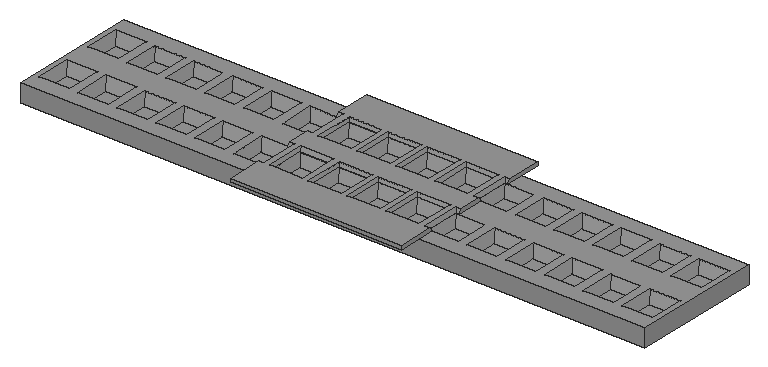
Revit family "2023697", category Lighting Fixtures, host Face, Revit 2018
Family settings
  Host = Face
  Round Connector Dimension = Use Diameter
  Part Type = Normal
  OmniClass Number = 23.80.70.00
  OmniClass Title = Lighting
  Cut with Voids When Loaded = No
  Light Source = Yes
  Shared = No
  Room Calculation Point = No
Parameters (values of type "2023697 OPTIX R 1250 2L TW ALU SSC01")
  Weight = "n/a"
  Wattage Comments = ""
  Wattage = 9.2903 W
  WarrantyStartDate [instance] = "n/a"
  WarrantyGuarantorParts = "n/a"
  WarrantyDurationUnit = "n/a"
  WarrantyDurationParts = ""
  WarrantyDescription = "http://www.sylvania-lighting.com"
  built-in parameter 1150110 = 1 (stored number, unit not read)
  Voltage = 0 V
  URL = "0.97"
  TypeName = "OPTIX RECESSED 1250 2L TW ALU SSC01"
  Type Image = <None>
  Type Comments = "n/a"
  built-in parameter 1114217 = 1 (stored number, unit not read)
  Tilt Angle = -90.00°
  built-in parameter 1150109 = 1 (stored number, unit not read)
  built-in parameter 1150134 = 3
  built-in parameter 1150113 = 1 (stored number, unit not read)
  SerialNumber [instance] = "n/a"
  Photometric Web File = "2023697.ies"
  Material_3_SYL = none
  PowerFactor = 0
  PowerConsumption = "Lighting"
  NominalLength = 308.5 mm
  NominalHeight = 38 mm
  NominalDepth = 308 mm
  Name = "OPTIX RECESSED 1250 2L TW ALU SSC01"
  ModelReference = Name  # "OPTIX RECESSED 1250 2L TW ALU SSC01"
  ModelNumber = "2023697"
  Model = Name  # "OPTIX RECESSED 1250 2L TW ALU SSC01"
  Material = "Feilo Sylvania"
  ManufacturerName = "107 lm/W"
  Manufacturer = ""
  LuminousEfficacy = ""
  built-in parameter 1150105 = 109.82 (stored number, unit not read)
  Lumens = 1380 lm
  LuminaireType = "0"
  built-in parameter 1150115 = 1 (stored number, unit not read)
  LightOutputRatio = "LED"
  built-in parameter 1150137 = (empty or 0)
  built-in parameter 1150139 = (empty or 0)
  LampsType = Lamp  # "n/a"
  LampNominalLuminous = "3000 K"
  LampMacAdamStep = "80"
  LampColourTemperature = "LED"
  LampColourRenderingIndex = "16500"
  built-in parameter 1150112 = 1 (stored number, unit not read)
  built-in parameter 1150114 = 1 (stored number, unit not read)
  Lamp = "n/a"
  Keynote = "n/a"
  InstallationDate [instance] = "n/a"
  InputVoltage = "0"
  InputNominalFrequency = "3000"
  built-in parameter 1150132 = (empty or 0)
  built-in parameter 1150102 = (empty or 0)
  built-in parameter 1150107 = 3200 (stored number, unit not read)
  built-in parameter 1150138 = (empty or 0)
  IngressProtection = "IfcLightFixtureType"
  ImpactProtectionIndex = "IfcLightFixtureType"
  built-in parameter 1150106 = 1.0982 (stored number, unit not read)
  IfcExportType = "IfcLightFixtureType"
  IfcExportAs = "Class I"
  Emit from Circle Diameter = 609.6 mm
  Emit Shape Visible in Rendering = no
  ElectricShockClassification = "107"
  built-in parameter 1150104 = 13.8 (stored number, unit not read)
  DocumentationLiterature = "http://www.sylvania-lighting.com/product/en-int/products/2023697"
  DimmingControlOptions = "n/a"
  Material_2_SYL = none
  Dimming Lamp Color Temperature Shift = <None>
  Description = "OPTIX RECESSED 1250X310 2L TW ALU SSC01 is a high efficacy low glare luminaire for office and education applications. Ceiling recessed 1250x310 mm. Aluminised plastic extra low glare optics in 2 lines configuration. White RAL9016 fixture body. SylSmart Standalone controlled tunable white light engine, CRI>80, chromaticity tolerance of 3-step MacAdam ellipse. Luminous flux 3600lm. Power consumption 27W. Luminaire efficacy 133lm/W. Lifespan: 48,500 hours L90B10. UGR<16, Luminance at 65°<200 Cd/m2, IK07, IP20. Photobiological safety risk group 0. Electrical protection Class I. Glow wire test 850°C"
  Default Elevation = 1219.2 mm
  CreatedOn = "13/10/2022"
  CreatedBy = "@sylvania-lighting.com"
  Cost = 0
  Color Filter = 16777215
  built-in parameter 1114216 [instance] = (empty or 0)
  ClassificationValue = "EF_70_80"
  ClassificationName = "Uniclass2015"
  Material_1_SYL = none
  BarCode [instance] = "n/a"
  built-in parameter 1114218 = 1 (stored number, unit not read)
  built-in parameter 1150133 = 10 (stored number, unit not read)
  AssetType = "Fixed"
  AssetIdentifier [instance] = "n/a"
  Assembly Code = "D5020200"
  Apparent Load = 31 VA
  Material_4_SYL = none
Reference planes
  plane 1 "Center (Front/Back)": y = 0
  plane 2: z = 0
  plane 3 "Center (Left/Right)": x = 0
  plane 4: x = -154.25
  plane 5: x = 154.25
  plane 6: y = 154
  plane 7: y = -154
  plane 8: z = -32
  plane 9: z = 6
  plane 10: y = -116
  plane 11: y = 116
  plane 12: x = -563
  plane 13: x = 563
  plane 14: y = 90
  plane 15: y = -90
  plane 16: x = 275
  plane 17: x = 285
  plane 18: x = 345
  plane 19: x = 355
  plane 20: x = 415
  plane 21: x = 425
  plane 22: x = 485
  plane 23: x = 495
  plane 24: x = -275
  plane 25: x = -285
  plane 26: x = -345
  plane 27: x = -355
  plane 28: x = -415
  plane 29: x = -425
  plane 30: x = -485
  plane 31: x = -495
Forms (mm)
  Extrusion 1, solid, material "Aluminum", detail levels medium+fine
    sketch origin (0, 0, 0) x (1, 0, 0) y (0, 1, 0)
      loop
        line (-154.25, 154) -> (-154.25, -154) -> (154.25, -154) -> (154.25, 154) -> (-154.25, 154)
    from 0 to 6
  Extrusion 2, solid, material "Aluminum", detail levels medium+fine
    sketch origin (0, 0, 0) x (1, 0, 0) y (0, 1, 0)
      loop
        line (-563, 116) -> (-563, -116) -> (563, -116) -> (563, 116) -> (-563, 116)
    from 0 to -32
  Blend 3, void
    base sketch origin (0.2, -114, 0) x (1, 0, 0) y (0, 1, 0)
      loop
        line (-275.2, 204) -> (-275.2, 134) -> (-215.2, 134) -> (-215.2, 204) -> (-275.2, 204)
    top sketch origin (0.2, -114, 0) x (1, 0, 0) y (0, 1, 0)
      loop
        line (-265.2, 189) -> (-265.2, 149) -> (-225.2, 149) -> (-225.2, 189) -> (-265.2, 189)
    from 6 to -19
  Blend 4, void
    base sketch origin (70.2, -114, 0) x (1, 0, 0) y (0, 1, 0)
      loop
        line (-275.2, 204) -> (-275.2, 134) -> (-215.2, 134) -> (-215.2, 204) -> (-275.2, 204)
    top sketch origin (70.2, -114, 0) x (1, 0, 0) y (0, 1, 0)
      loop
        line (-265.2, 189) -> (-265.2, 149) -> (-225.2, 149) -> (-225.2, 189) -> (-265.2, 189)
    from 6 to -19
  Blend 5, void
    base sketch origin (140.2, -114, 0) x (1, 0, 0) y (0, 1, 0)
      loop
        line (-275.2, 204) -> (-275.2, 134) -> (-215.2, 134) -> (-215.2, 204) -> (-275.2, 204)
    top sketch origin (140.2, -114, 0) x (1, 0, 0) y (0, 1, 0)
      loop
        line (-265.2, 189) -> (-265.2, 149) -> (-225.2, 149) -> (-225.2, 189) -> (-265.2, 189)
    from 6 to -19
  Blend 6, void
    base sketch origin (210.2, -114, 0) x (1, 0, 0) y (0, 1, 0)
      loop
        line (-275.2, 204) -> (-275.2, 134) -> (-215.2, 134) -> (-215.2, 204) -> (-275.2, 204)
    top sketch origin (210.2, -114, 0) x (1, 0, 0) y (0, 1, 0)
      loop
        line (-265.2, 189) -> (-265.2, 149) -> (-225.2, 149) -> (-225.2, 189) -> (-265.2, 189)
    from 6 to -19
  Blend 7, void
    base sketch origin (280.2, -114, 0) x (1, 0, 0) y (0, 1, 0)
      loop
        line (-275.2, 204) -> (-275.2, 134) -> (-215.2, 134) -> (-215.2, 204) -> (-275.2, 204)
    top sketch origin (280.2, -114, 0) x (1, 0, 0) y (0, 1, 0)
      loop
        line (-265.2, 189) -> (-265.2, 149) -> (-225.2, 149) -> (-225.2, 189) -> (-265.2, 189)
    from 6 to -19
  Blend 8, void
    base sketch origin (350.2, -114, 0) x (1, 0, 0) y (0, 1, 0)
      loop
        line (-275.2, 204) -> (-275.2, 134) -> (-215.2, 134) -> (-215.2, 204) -> (-275.2, 204)
    top sketch origin (350.2, -114, 0) x (1, 0, 0) y (0, 1, 0)
      loop
        line (-265.2, 189) -> (-265.2, 149) -> (-225.2, 149) -> (-225.2, 189) -> (-265.2, 189)
    from 6 to -19
  Blend 9, void
    base sketch origin (420.2, -114, 0) x (1, 0, 0) y (0, 1, 0)
      loop
        line (-275.2, 204) -> (-275.2, 134) -> (-215.2, 134) -> (-215.2, 204) -> (-275.2, 204)
    top sketch origin (420.2, -114, 0) x (1, 0, 0) y (0, 1, 0)
      loop
        line (-265.2, 189) -> (-265.2, 149) -> (-225.2, 149) -> (-225.2, 189) -> (-265.2, 189)
    from 6 to -19
  Blend 10, void
    base sketch origin (490.2, -114, 0) x (1, 0, 0) y (0, 1, 0)
      loop
        line (-275.2, 204) -> (-275.2, 134) -> (-215.2, 134) -> (-215.2, 204) -> (-275.2, 204)
    top sketch origin (490.2, -114, 0) x (1, 0, 0) y (0, 1, 0)
      loop
        line (-265.2, 189) -> (-265.2, 149) -> (-225.2, 149) -> (-225.2, 189) -> (-265.2, 189)
    from 6 to -19
  Blend 11, void
    base sketch origin (560.2, -114, 0) x (1, 0, 0) y (0, 1, 0)
      loop
        line (-275.2, 204) -> (-275.2, 134) -> (-215.2, 134) -> (-215.2, 204) -> (-275.2, 204)
    top sketch origin (560.2, -114, 0) x (1, 0, 0) y (0, 1, 0)
      loop
        line (-265.2, 189) -> (-265.2, 149) -> (-225.2, 149) -> (-225.2, 189) -> (-265.2, 189)
    from 6 to -19
  Blend 12, void
    base sketch origin (630.2, -114, 0) x (1, 0, 0) y (0, 1, 0)
      loop
        line (-275.2, 204) -> (-275.2, 134) -> (-215.2, 134) -> (-215.2, 204) -> (-275.2, 204)
    top sketch origin (630.2, -114, 0) x (1, 0, 0) y (0, 1, 0)
      loop
        line (-265.2, 189) -> (-265.2, 149) -> (-225.2, 149) -> (-225.2, 189) -> (-265.2, 189)
    from 6 to -19
  Blend 13, void
    base sketch origin (700.2, -114, 0) x (1, 0, 0) y (0, 1, 0)
      loop
        line (-275.2, 204) -> (-275.2, 134) -> (-215.2, 134) -> (-215.2, 204) -> (-275.2, 204)
    top sketch origin (700.2, -114, 0) x (1, 0, 0) y (0, 1, 0)
      loop
        line (-265.2, 189) -> (-265.2, 149) -> (-225.2, 149) -> (-225.2, 189) -> (-265.2, 189)
    from 6 to -19
  Blend 14, void
    base sketch origin (770.2, -114, 0) x (1, 0, 0) y (0, 1, 0)
      loop
        line (-275.2, 204) -> (-275.2, 134) -> (-215.2, 134) -> (-215.2, 204) -> (-275.2, 204)
    top sketch origin (770.2, -114, 0) x (1, 0, 0) y (0, 1, 0)
      loop
        line (-265.2, 189) -> (-265.2, 149) -> (-225.2, 149) -> (-225.2, 189) -> (-265.2, 189)
    from 6 to -19
  Blend 15, void
    base sketch origin (-69.8, -114, 0) x (1, 0, 0) y (0, 1, 0)
      loop
        line (-275.2, 204) -> (-275.2, 134) -> (-215.2, 134) -> (-215.2, 204) -> (-275.2, 204)
    top sketch origin (-69.8, -114, 0) x (1, 0, 0) y (0, 1, 0)
      loop
        line (-265.2, 189) -> (-265.2, 149) -> (-225.2, 149) -> (-225.2, 189) -> (-265.2, 189)
    from 6 to -19
  Blend 16, void
    base sketch origin (-139.8, -114, 0) x (1, 0, 0) y (0, 1, 0)
      loop
        line (-275.2, 204) -> (-275.2, 134) -> (-215.2, 134) -> (-215.2, 204) -> (-275.2, 204)
    top sketch origin (-139.8, -114, 0) x (1, 0, 0) y (0, 1, 0)
      loop
        line (-265.2, 189) -> (-265.2, 149) -> (-225.2, 149) -> (-225.2, 189) -> (-265.2, 189)
    from 6 to -19
  Blend 17, void
    base sketch origin (-209.8, -114, 0) x (1, 0, 0) y (0, 1, 0)
      loop
        line (-275.2, 204) -> (-275.2, 134) -> (-215.2, 134) -> (-215.2, 204) -> (-275.2, 204)
    top sketch origin (-209.8, -114, 0) x (1, 0, 0) y (0, 1, 0)
      loop
        line (-265.2, 189) -> (-265.2, 149) -> (-225.2, 149) -> (-225.2, 189) -> (-265.2, 189)
    from 6 to -19
  Blend 18, void
    base sketch origin (-279.8, -114, 0) x (1, 0, 0) y (0, 1, 0)
      loop
        line (-275.2, 204) -> (-275.2, 134) -> (-215.2, 134) -> (-215.2, 204) -> (-275.2, 204)
    top sketch origin (-279.8, -114, 0) x (1, 0, 0) y (0, 1, 0)
      loop
        line (-265.2, 189) -> (-265.2, 149) -> (-225.2, 149) -> (-225.2, 189) -> (-265.2, 189)
    from 6 to -19
  Blend 19, void
    base sketch origin (0.2, -224, 0) x (1, 0, 0) y (0, 1, 0)
      loop
        line (-275.2, 204) -> (-275.2, 134) -> (-215.2, 134) -> (-215.2, 204) -> (-275.2, 204)
    top sketch origin (0.2, -224, 0) x (1, 0, 0) y (0, 1, 0)
      loop
        line (-265.2, 189) -> (-265.2, 149) -> (-225.2, 149) -> (-225.2, 189) -> (-265.2, 189)
    from 6 to -19
  Blend 20, void
    base sketch origin (70.2, -224, 0) x (1, 0, 0) y (0, 1, 0)
      loop
        line (-275.2, 204) -> (-275.2, 134) -> (-215.2, 134) -> (-215.2, 204) -> (-275.2, 204)
    top sketch origin (70.2, -224, 0) x (1, 0, 0) y (0, 1, 0)
      loop
        line (-265.2, 189) -> (-265.2, 149) -> (-225.2, 149) -> (-225.2, 189) -> (-265.2, 189)
    from 6 to -19
  Blend 21, void
    base sketch origin (140.2, -224, 0) x (1, 0, 0) y (0, 1, 0)
      loop
        line (-275.2, 204) -> (-275.2, 134) -> (-215.2, 134) -> (-215.2, 204) -> (-275.2, 204)
    top sketch origin (140.2, -224, 0) x (1, 0, 0) y (0, 1, 0)
      loop
        line (-265.2, 189) -> (-265.2, 149) -> (-225.2, 149) -> (-225.2, 189) -> (-265.2, 189)
    from 6 to -19
  Blend 22, void
    base sketch origin (210.2, -224, 0) x (1, 0, 0) y (0, 1, 0)
      loop
        line (-275.2, 204) -> (-275.2, 134) -> (-215.2, 134) -> (-215.2, 204) -> (-275.2, 204)
    top sketch origin (210.2, -224, 0) x (1, 0, 0) y (0, 1, 0)
      loop
        line (-265.2, 189) -> (-265.2, 149) -> (-225.2, 149) -> (-225.2, 189) -> (-265.2, 189)
    from 6 to -19
  Blend 23, void
    base sketch origin (280.2, -224, 0) x (1, 0, 0) y (0, 1, 0)
      loop
        line (-275.2, 204) -> (-275.2, 134) -> (-215.2, 134) -> (-215.2, 204) -> (-275.2, 204)
    top sketch origin (280.2, -224, 0) x (1, 0, 0) y (0, 1, 0)
      loop
        line (-265.2, 189) -> (-265.2, 149) -> (-225.2, 149) -> (-225.2, 189) -> (-265.2, 189)
    from 6 to -19
  Blend 24, void
    base sketch origin (350.2, -224, 0) x (1, 0, 0) y (0, 1, 0)
      loop
        line (-275.2, 204) -> (-275.2, 134) -> (-215.2, 134) -> (-215.2, 204) -> (-275.2, 204)
    top sketch origin (350.2, -224, 0) x (1, 0, 0) y (0, 1, 0)
      loop
        line (-265.2, 189) -> (-265.2, 149) -> (-225.2, 149) -> (-225.2, 189) -> (-265.2, 189)
    from 6 to -19
  Blend 25, void
    base sketch origin (420.2, -224, 0) x (1, 0, 0) y (0, 1, 0)
      loop
        line (-275.2, 204) -> (-275.2, 134) -> (-215.2, 134) -> (-215.2, 204) -> (-275.2, 204)
    top sketch origin (420.2, -224, 0) x (1, 0, 0) y (0, 1, 0)
      loop
        line (-265.2, 189) -> (-265.2, 149) -> (-225.2, 149) -> (-225.2, 189) -> (-265.2, 189)
    from 6 to -19
  Blend 26, void
    base sketch origin (490.2, -224, 0) x (1, 0, 0) y (0, 1, 0)
      loop
        line (-275.2, 204) -> (-275.2, 134) -> (-215.2, 134) -> (-215.2, 204) -> (-275.2, 204)
    top sketch origin (490.2, -224, 0) x (1, 0, 0) y (0, 1, 0)
      loop
        line (-265.2, 189) -> (-265.2, 149) -> (-225.2, 149) -> (-225.2, 189) -> (-265.2, 189)
    from 6 to -19
  Blend 27, void
    base sketch origin (560.2, -224, 0) x (1, 0, 0) y (0, 1, 0)
      loop
        line (-275.2, 204) -> (-275.2, 134) -> (-215.2, 134) -> (-215.2, 204) -> (-275.2, 204)
    top sketch origin (560.2, -224, 0) x (1, 0, 0) y (0, 1, 0)
      loop
        line (-265.2, 189) -> (-265.2, 149) -> (-225.2, 149) -> (-225.2, 189) -> (-265.2, 189)
    from 6 to -19
  Blend 28, void
    base sketch origin (630.2, -224, 0) x (1, 0, 0) y (0, 1, 0)
      loop
        line (-275.2, 204) -> (-275.2, 134) -> (-215.2, 134) -> (-215.2, 204) -> (-275.2, 204)
    top sketch origin (630.2, -224, 0) x (1, 0, 0) y (0, 1, 0)
      loop
        line (-265.2, 189) -> (-265.2, 149) -> (-225.2, 149) -> (-225.2, 189) -> (-265.2, 189)
    from 6 to -19
  Blend 29, void
    base sketch origin (700.2, -224, 0) x (1, 0, 0) y (0, 1, 0)
      loop
        line (-275.2, 204) -> (-275.2, 134) -> (-215.2, 134) -> (-215.2, 204) -> (-275.2, 204)
    top sketch origin (700.2, -224, 0) x (1, 0, 0) y (0, 1, 0)
      loop
        line (-265.2, 189) -> (-265.2, 149) -> (-225.2, 149) -> (-225.2, 189) -> (-265.2, 189)
    from 6 to -19
  Blend 30, void
    base sketch origin (770.2, -224, 0) x (1, 0, 0) y (0, 1, 0)
      loop
        line (-275.2, 204) -> (-275.2, 134) -> (-215.2, 134) -> (-215.2, 204) -> (-275.2, 204)
    top sketch origin (770.2, -224, 0) x (1, 0, 0) y (0, 1, 0)
      loop
        line (-265.2, 189) -> (-265.2, 149) -> (-225.2, 149) -> (-225.2, 189) -> (-265.2, 189)
    from 6 to -19
  Blend 31, void
    base sketch origin (-69.8, -224, 0) x (1, 0, 0) y (0, 1, 0)
      loop
        line (-275.2, 204) -> (-275.2, 134) -> (-215.2, 134) -> (-215.2, 204) -> (-275.2, 204)
    top sketch origin (-69.8, -224, 0) x (1, 0, 0) y (0, 1, 0)
      loop
        line (-265.2, 189) -> (-265.2, 149) -> (-225.2, 149) -> (-225.2, 189) -> (-265.2, 189)
    from 6 to -19
  Blend 32, void
    base sketch origin (-139.8, -224, 0) x (1, 0, 0) y (0, 1, 0)
      loop
        line (-275.2, 204) -> (-275.2, 134) -> (-215.2, 134) -> (-215.2, 204) -> (-275.2, 204)
    top sketch origin (-139.8, -224, 0) x (1, 0, 0) y (0, 1, 0)
      loop
        line (-265.2, 189) -> (-265.2, 149) -> (-225.2, 149) -> (-225.2, 189) -> (-265.2, 189)
    from 6 to -19
  Blend 33, void
    base sketch origin (-209.8, -224, 0) x (1, 0, 0) y (0, 1, 0)
      loop
        line (-275.2, 204) -> (-275.2, 134) -> (-215.2, 134) -> (-215.2, 204) -> (-275.2, 204)
    top sketch origin (-209.8, -224, 0) x (1, 0, 0) y (0, 1, 0)
      loop
        line (-265.2, 189) -> (-265.2, 149) -> (-225.2, 149) -> (-225.2, 189) -> (-265.2, 189)
    from 6 to -19
  Blend 34, void
    base sketch origin (-279.8, -224, 0) x (1, 0, 0) y (0, 1, 0)
      loop
        line (-275.2, 204) -> (-275.2, 134) -> (-215.2, 134) -> (-215.2, 204) -> (-275.2, 204)
    top sketch origin (-279.8, -224, 0) x (1, 0, 0) y (0, 1, 0)
      loop
        line (-265.2, 189) -> (-265.2, 149) -> (-225.2, 149) -> (-225.2, 189) -> (-265.2, 189)
    from 6 to -19
  Extrusion 35, solid, detail levels coarse
    sketch origin (0, 0, 0) x (1, 0, 0) y (0, 0, 1)
      loop
        line (-154.25, 6) -> (-154.25, -32) -> (154.25, -32) -> (154.25, 6) -> (-154.25, 6)
    from -154 to 154
  Extrusion 36, solid, material "Glass, White, High Luminance", detail levels fine
    sketch origin (0, 0, 0) x (1, 0, 0) y (0, 1, 0)
      loop
        line (-545, 75) -> (-545, 35) -> (-505, 35) -> (-505, 75) -> (-545, 75)
    from -19 to -18
  Extrusion 37, solid, material "Glass, White, High Luminance", detail levels fine
    sketch origin (70, 0, 0) x (1, 0, 0) y (0, 1, 0)
      loop
        line (-545, 75) -> (-545, 35) -> (-505, 35) -> (-505, 75) -> (-545, 75)
    from -19 to -18
  Extrusion 38, solid, material "Glass, White, High Luminance", detail levels fine
    sketch origin (140, 0, 0) x (1, 0, 0) y (0, 1, 0)
      loop
        line (-545, 75) -> (-545, 35) -> (-505, 35) -> (-505, 75) -> (-545, 75)
    from -19 to -18
  Extrusion 39, solid, material "Glass, White, High Luminance", detail levels fine
    sketch origin (210, 0, 0) x (1, 0, 0) y (0, 1, 0)
      loop
        line (-545, 75) -> (-545, 35) -> (-505, 35) -> (-505, 75) -> (-545, 75)
    from -19 to -18
  Extrusion 40, solid, material "Glass, White, High Luminance", detail levels fine
    sketch origin (280, 0, 0) x (1, 0, 0) y (0, 1, 0)
      loop
        line (-545, 75) -> (-545, 35) -> (-505, 35) -> (-505, 75) -> (-545, 75)
    from -19 to -18
  Extrusion 41, solid, material "Glass, White, High Luminance", detail levels fine
    sketch origin (350, 0, 0) x (1, 0, 0) y (0, 1, 0)
      loop
        line (-545, 75) -> (-545, 35) -> (-505, 35) -> (-505, 75) -> (-545, 75)
    from -19 to -18
  Extrusion 42, solid, material "Glass, White, High Luminance", detail levels fine
    sketch origin (420, 0, 0) x (1, 0, 0) y (0, 1, 0)
      loop
        line (-545, 75) -> (-545, 35) -> (-505, 35) -> (-505, 75) -> (-545, 75)
    from -19 to -18
  Extrusion 43, solid, material "Glass, White, High Luminance", detail levels fine
    sketch origin (490, 0, 0) x (1, 0, 0) y (0, 1, 0)
      loop
        line (-545, 75) -> (-545, 35) -> (-505, 35) -> (-505, 75) -> (-545, 75)
    from -19 to -18
  Extrusion 44, solid, material "Glass, White, High Luminance", detail levels fine
    sketch origin (560, 0, 0) x (1, 0, 0) y (0, 1, 0)
      loop
        line (-545, 75) -> (-545, 35) -> (-505, 35) -> (-505, 75) -> (-545, 75)
    from -19 to -18
  Extrusion 45, solid, material "Glass, White, High Luminance", detail levels fine
    sketch origin (630, 0, 0) x (1, 0, 0) y (0, 1, 0)
      loop
        line (-545, 75) -> (-545, 35) -> (-505, 35) -> (-505, 75) -> (-545, 75)
    from -19 to -18
  Extrusion 46, solid, material "Glass, White, High Luminance", detail levels fine
    sketch origin (700, 0, 0) x (1, 0, 0) y (0, 1, 0)
      loop
        line (-545, 75) -> (-545, 35) -> (-505, 35) -> (-505, 75) -> (-545, 75)
    from -19 to -18
  Extrusion 47, solid, material "Glass, White, High Luminance", detail levels fine
    sketch origin (770, 0, 0) x (1, 0, 0) y (0, 1, 0)
      loop
        line (-545, 75) -> (-545, 35) -> (-505, 35) -> (-505, 75) -> (-545, 75)
    from -19 to -18
  Extrusion 48, solid, material "Glass, White, High Luminance", detail levels fine
    sketch origin (840, 0, 0) x (1, 0, 0) y (0, 1, 0)
      loop
        line (-545, 75) -> (-545, 35) -> (-505, 35) -> (-505, 75) -> (-545, 75)
    from -19 to -18
  Extrusion 49, solid, material "Glass, White, High Luminance", detail levels fine
    sketch origin (910, 0, 0) x (1, 0, 0) y (0, 1, 0)
      loop
        line (-545, 75) -> (-545, 35) -> (-505, 35) -> (-505, 75) -> (-545, 75)
    from -19 to -18
  Extrusion 50, solid, material "Glass, White, High Luminance", detail levels fine
    sketch origin (980, 0, 0) x (1, 0, 0) y (0, 1, 0)
      loop
        line (-545, 75) -> (-545, 35) -> (-505, 35) -> (-505, 75) -> (-545, 75)
    from -19 to -18
  Extrusion 51, solid, material "Glass, White, High Luminance", detail levels fine
    sketch origin (1050, 0, 0) x (1, 0, 0) y (0, 1, 0)
      loop
        line (-545, 75) -> (-545, 35) -> (-505, 35) -> (-505, 75) -> (-545, 75)
    from -19 to -18
  Extrusion 52, solid, material "Glass, White, High Luminance", detail levels fine
    sketch origin (0, -110, 0) x (1, 0, 0) y (0, 1, 0)
      loop
        line (-545, 75) -> (-545, 35) -> (-505, 35) -> (-505, 75) -> (-545, 75)
    from -19 to -18
  Extrusion 53, solid, material "Glass, White, High Luminance", detail levels fine
    sketch origin (70, -110, 0) x (1, 0, 0) y (0, 1, 0)
      loop
        line (-545, 75) -> (-545, 35) -> (-505, 35) -> (-505, 75) -> (-545, 75)
    from -19 to -18
  Extrusion 54, solid, material "Glass, White, High Luminance", detail levels fine
    sketch origin (140, -110, 0) x (1, 0, 0) y (0, 1, 0)
      loop
        line (-545, 75) -> (-545, 35) -> (-505, 35) -> (-505, 75) -> (-545, 75)
    from -19 to -18
  Extrusion 55, solid, material "Glass, White, High Luminance", detail levels fine
    sketch origin (210, -110, 0) x (1, 0, 0) y (0, 1, 0)
      loop
        line (-545, 75) -> (-545, 35) -> (-505, 35) -> (-505, 75) -> (-545, 75)
    from -19 to -18
  Extrusion 56, solid, material "Glass, White, High Luminance", detail levels fine
    sketch origin (280, -110, 0) x (1, 0, 0) y (0, 1, 0)
      loop
        line (-545, 75) -> (-545, 35) -> (-505, 35) -> (-505, 75) -> (-545, 75)
    from -19 to -18
  Extrusion 57, solid, material "Glass, White, High Luminance", detail levels fine
    sketch origin (350, -110, 0) x (1, 0, 0) y (0, 1, 0)
      loop
        line (-545, 75) -> (-545, 35) -> (-505, 35) -> (-505, 75) -> (-545, 75)
    from -19 to -18
  Extrusion 58, solid, material "Glass, White, High Luminance", detail levels fine
    sketch origin (420, -110, 0) x (1, 0, 0) y (0, 1, 0)
      loop
        line (-545, 75) -> (-545, 35) -> (-505, 35) -> (-505, 75) -> (-545, 75)
    from -19 to -18
  Extrusion 59, solid, material "Glass, White, High Luminance", detail levels fine
    sketch origin (490, -110, 0) x (1, 0, 0) y (0, 1, 0)
      loop
        line (-545, 75) -> (-545, 35) -> (-505, 35) -> (-505, 75) -> (-545, 75)
    from -19 to -18
  Extrusion 60, solid, material "Glass, White, High Luminance", detail levels fine
    sketch origin (560, -110, 0) x (1, 0, 0) y (0, 1, 0)
      loop
        line (-545, 75) -> (-545, 35) -> (-505, 35) -> (-505, 75) -> (-545, 75)
    from -19 to -18
  Extrusion 61, solid, material "Glass, White, High Luminance", detail levels fine
    sketch origin (630, -110, 0) x (1, 0, 0) y (0, 1, 0)
      loop
        line (-545, 75) -> (-545, 35) -> (-505, 35) -> (-505, 75) -> (-545, 75)
    from -19 to -18
  Extrusion 62, solid, material "Glass, White, High Luminance", detail levels fine
    sketch origin (700, -110, 0) x (1, 0, 0) y (0, 1, 0)
      loop
        line (-545, 75) -> (-545, 35) -> (-505, 35) -> (-505, 75) -> (-545, 75)
    from -19 to -18
  Extrusion 63, solid, material "Glass, White, High Luminance", detail levels fine
    sketch origin (770, -110, 0) x (1, 0, 0) y (0, 1, 0)
      loop
        line (-545, 75) -> (-545, 35) -> (-505, 35) -> (-505, 75) -> (-545, 75)
    from -19 to -18
  Extrusion 64, solid, material "Glass, White, High Luminance", detail levels fine
    sketch origin (840, -110, 0) x (1, 0, 0) y (0, 1, 0)
      loop
        line (-545, 75) -> (-545, 35) -> (-505, 35) -> (-505, 75) -> (-545, 75)
    from -19 to -18
  Extrusion 65, solid, material "Glass, White, High Luminance", detail levels fine
    sketch origin (910, -110, 0) x (1, 0, 0) y (0, 1, 0)
      loop
        line (-545, 75) -> (-545, 35) -> (-505, 35) -> (-505, 75) -> (-545, 75)
    from -19 to -18
  Extrusion 66, solid, material "Glass, White, High Luminance", detail levels fine
    sketch origin (980, -110, 0) x (1, 0, 0) y (0, 1, 0)
      loop
        line (-545, 75) -> (-545, 35) -> (-505, 35) -> (-505, 75) -> (-545, 75)
    from -19 to -18
  Extrusion 67, solid, material "Glass, White, High Luminance", detail levels fine
    sketch origin (1050, -110, 0) x (1, 0, 0) y (0, 1, 0)
      loop
        line (-545, 75) -> (-545, 35) -> (-505, 35) -> (-505, 75) -> (-545, 75)
    from -19 to -18
Cuts and joins
  Blend 3, Blend 4, Blend 5, Blend 6, Blend 7, Blend 8, Blend 9, Blend 10, Blend 11, Blend 12, Blend 13, Blend 14, Blend 15, Blend 16, Blend 17, Blend 18, Blend 19, Blend 20, Blend 21, Blend 22, Blend 23, Blend 24, Blend 25, Blend 26, Blend 27, Blend 28, Blend 29, Blend 30, Blend 31, Blend 32, Blend 33, Blend 34 cuts Extrusion 1
  Blend 3, Blend 4, Blend 5, Blend 6, Blend 7, Blend 8, Blend 9, Blend 10, Blend 11, Blend 12, Blend 13, Blend 14, Blend 15, Blend 16, Blend 17, Blend 18, Blend 19, Blend 20, Blend 21, Blend 22, Blend 23, Blend 24, Blend 25, Blend 26, Blend 27, Blend 28, Blend 29, Blend 30, Blend 31, Blend 32, Blend 33, Blend 34 cuts Extrusion 2
Dimensions and locks
  "NominalLength": plane 4 to plane 5
  equal spacing: plane 4, plane 3 "Center (Left/Right)", plane 5
  "NominalDepth": plane 6 to plane 7
  equal spacing: plane 6, plane 1 "Center (Front/Back)", plane 7
  plane 8 to plane 2 = 32 mm
  plane 9 to plane 2 = 6 mm
  "NominalHeight": plane 8 to plane 9
  aligned and locked: plane 2 to host face
  aligned and locked: level to host face
Automatic sketch dimensions
  host sketch curve to host sketch curve = 2438.4 mm  (x2)
  Extrusion 1 sketch curve to plane 4 = 0 mm
  Extrusion 1 sketch curve to plane 5 = 0 mm
  Extrusion 1 sketch curve to plane 7 = 0 mm
  Extrusion 1 sketch curve to plane 6 = 0 mm
  Extrusion 2 sketch curve to plane 10 = 0 mm
  Extrusion 2 sketch curve to plane 12 = 0 mm
  Extrusion 2 sketch curve to plane 13 = 0 mm
  Extrusion 2 sketch curve to plane 11 = 0 mm
  Blend 3 sketch curve to plane 24 = 0 mm
  Blend 3 sketch curve to plane 14 = 0 mm
  Blend 3 sketch curve to plane 1 "Center (Front/Back)" = 20 mm
  Blend 3 sketch curve to Blend 3 sketch curve = 60 mm
  plane 24 to Blend 3 sketch curve = 10 mm
  Blend 3 sketch curve to Blend 3 sketch curve = 40 mm
  Blend 3 sketch curve to plane 1 "Center (Front/Back)" = 35 mm
  Blend 3 sketch curve to plane 14 = 15 mm
  Blend 4 sketch curve to plane 14 = 0 mm
  Blend 4 sketch curve to plane 1 "Center (Front/Back)" = 20 mm
  plane 24 to Blend 4 sketch curve = 70 mm
  Blend 4 sketch curve to Blend 4 sketch curve = 60 mm
  Blend 4 sketch curve to plane 1 "Center (Front/Back)" = 35 mm
  plane 24 to Blend 4 sketch curve = 80 mm
  Blend 4 sketch curve to Blend 4 sketch curve = 40 mm
  Blend 4 sketch curve to plane 14 = 15 mm
  Blend 5 sketch curve to plane 14 = 0 mm
  Blend 5 sketch curve to plane 1 "Center (Front/Back)" = 20 mm
  Blend 5 sketch curve to plane 3 "Center (Left/Right)" = 135 mm
  Blend 5 sketch curve to Blend 5 sketch curve = 60 mm
  Blend 5 sketch curve to plane 1 "Center (Front/Back)" = 35 mm
  Blend 5 sketch curve to plane 3 "Center (Left/Right)" = 125 mm
  Blend 5 sketch curve to Blend 5 sketch curve = 40 mm
  Blend 5 sketch curve to plane 14 = 15 mm
  Blend 6 sketch curve to plane 14 = 0 mm
  Blend 6 sketch curve to plane 1 "Center (Front/Back)" = 20 mm
  Blend 6 sketch curve to plane 3 "Center (Left/Right)" = 65 mm
  Blend 6 sketch curve to plane 3 "Center (Left/Right)" = 5 mm
  Blend 6 sketch curve to plane 3 "Center (Left/Right)" = 55 mm
  Blend 6 sketch curve to plane 3 "Center (Left/Right)" = 15 mm
  Blend 6 sketch curve to plane 1 "Center (Front/Back)" = 35 mm
  Blend 6 sketch curve to plane 14 = 15 mm
  Blend 7 sketch curve to plane 14 = 0 mm
  plane 3 "Center (Left/Right)" to Blend 7 sketch curve = 5 mm
  Blend 7 sketch curve to plane 1 "Center (Front/Back)" = 20 mm
  Blend 7 sketch curve to Blend 7 sketch curve = 60 mm
  plane 3 "Center (Left/Right)" to Blend 7 sketch curve = 15 mm
  Blend 7 sketch curve to Blend 7 sketch curve = 40 mm
  Blend 7 sketch curve to plane 1 "Center (Front/Back)" = 35 mm
  Blend 7 sketch curve to plane 14 = 15 mm
  Blend 8 sketch curve to plane 14 = 0 mm
  Blend 8 sketch curve to plane 1 "Center (Front/Back)" = 20 mm
  plane 3 "Center (Left/Right)" to Blend 8 sketch curve = 75 mm
  Blend 8 sketch curve to Blend 8 sketch curve = 60 mm
  Blend 8 sketch curve to plane 1 "Center (Front/Back)" = 35 mm
  plane 3 "Center (Left/Right)" to Blend 8 sketch curve = 85 mm
  Blend 8 sketch curve to Blend 8 sketch curve = 40 mm
  Blend 8 sketch curve to plane 14 = 15 mm
  Blend 9 sketch curve to plane 14 = 0 mm
  Blend 9 sketch curve to plane 1 "Center (Front/Back)" = 20 mm
  plane 16 to Blend 9 sketch curve = 130 mm
  Blend 9 sketch curve to Blend 9 sketch curve = 60 mm
  Blend 9 sketch curve to plane 1 "Center (Front/Back)" = 35 mm
  plane 16 to Blend 9 sketch curve = 120 mm
  Blend 9 sketch curve to Blend 9 sketch curve = 40 mm
  Blend 9 sketch curve to plane 14 = 15 mm
  Blend 10 sketch curve to plane 14 = 0 mm
  Blend 10 sketch curve to plane 16 = 0 mm
  Blend 10 sketch curve to Blend 10 sketch curve = 60 mm
  Blend 10 sketch curve to plane 1 "Center (Front/Back)" = 20 mm
  plane 16 to Blend 10 sketch curve = 50 mm
  plane 16 to Blend 10 sketch curve = 10 mm
  Blend 10 sketch curve to plane 1 "Center (Front/Back)" = 35 mm
  Blend 10 sketch curve to plane 14 = 15 mm
  Blend 11 sketch curve to plane 17 = 0 mm
  Blend 11 sketch curve to plane 18 = 0 mm
  Blend 11 sketch curve to plane 14 = 0 mm
  Blend 11 sketch curve to plane 1 "Center (Front/Back)" = 20 mm
  plane 17 to Blend 11 sketch curve = 10 mm
  plane 18 to Blend 11 sketch curve = 10 mm
  Blend 11 sketch curve to plane 1 "Center (Front/Back)" = 35 mm
  Blend 11 sketch curve to plane 14 = 15 mm
  Blend 12 sketch curve to plane 19 = 0 mm
  Blend 12 sketch curve to plane 20 = 0 mm
  Blend 12 sketch curve to plane 14 = 0 mm
  Blend 12 sketch curve to plane 1 "Center (Front/Back)" = 20 mm
  Blend 12 sketch curve to plane 19 = 10 mm
  plane 20 to Blend 12 sketch curve = 10 mm
  Blend 12 sketch curve to plane 1 "Center (Front/Back)" = 35 mm
  Blend 12 sketch curve to plane 14 = 15 mm
  Blend 13 sketch curve to plane 21 = 0 mm
  Blend 13 sketch curve to plane 22 = 0 mm
  Blend 13 sketch curve to plane 14 = 0 mm
  Blend 13 sketch curve to plane 1 "Center (Front/Back)" = 20 mm
  Blend 13 sketch curve to plane 21 = 10 mm
  plane 22 to Blend 13 sketch curve = 10 mm
  Blend 13 sketch curve to plane 1 "Center (Front/Back)" = 35 mm
  Blend 13 sketch curve to plane 14 = 15 mm
  Blend 14 sketch curve to plane 23 = 0 mm
  Blend 14 sketch curve to plane 14 = 0 mm
  Blend 14 sketch curve to plane 13 = 8 mm
  Blend 14 sketch curve to plane 1 "Center (Front/Back)" = 20 mm
  Blend 14 sketch curve to plane 23 = 10 mm
  Blend 14 sketch curve to plane 13 = 18 mm
  Blend 14 sketch curve to plane 1 "Center (Front/Back)" = 35 mm
  Blend 14 sketch curve to plane 14 = 15 mm
  Blend 15 sketch curve to plane 26 = 0 mm
  Blend 15 sketch curve to plane 25 = 0 mm
  Blend 15 sketch curve to plane 14 = 0 mm
  Blend 15 sketch curve to plane 1 "Center (Front/Back)" = 20 mm
  plane 26 to Blend 15 sketch curve = 10 mm
  Blend 15 sketch curve to plane 25 = 10 mm
  Blend 15 sketch curve to plane 1 "Center (Front/Back)" = 35 mm
  Blend 15 sketch curve to plane 14 = 15 mm
  Blend 16 sketch curve to plane 28 = 0 mm
  Blend 16 sketch curve to plane 27 = 0 mm
  Blend 16 sketch curve to plane 14 = 0 mm
  Blend 16 sketch curve to plane 1 "Center (Front/Back)" = 20 mm
  plane 28 to Blend 16 sketch curve = 10 mm
  Blend 16 sketch curve to plane 27 = 10 mm
  Blend 16 sketch curve to plane 1 "Center (Front/Back)" = 35 mm
  Blend 16 sketch curve to plane 14 = 15 mm
  Blend 17 sketch curve to plane 30 = 0 mm
  Blend 17 sketch curve to plane 29 = 0 mm
  Blend 17 sketch curve to plane 14 = 0 mm
  Blend 17 sketch curve to plane 1 "Center (Front/Back)" = 20 mm
  plane 30 to Blend 17 sketch curve = 10 mm
  Blend 17 sketch curve to plane 29 = 10 mm
  Blend 17 sketch curve to plane 1 "Center (Front/Back)" = 35 mm
  Blend 17 sketch curve to plane 14 = 15 mm
  Blend 18 sketch curve to plane 14 = 0 mm
  Blend 18 sketch curve to plane 31 = 0 mm
  plane 12 to Blend 18 sketch curve = 8 mm
  Blend 18 sketch curve to plane 1 "Center (Front/Back)" = 20 mm
  plane 12 to Blend 18 sketch curve = 18 mm
  Blend 18 sketch curve to plane 31 = 10 mm
  Blend 18 sketch curve to plane 1 "Center (Front/Back)" = 35 mm
  Blend 18 sketch curve to plane 14 = 15 mm
  Blend 19 sketch curve to plane 15 = 0 mm
  Blend 19 sketch curve to plane 24 = 0 mm
  Blend 19 sketch curve to Blend 19 sketch curve = 60 mm
  plane 1 "Center (Front/Back)" to Blend 19 sketch curve = 20 mm
  plane 24 to Blend 19 sketch curve = 10 mm
  plane 15 to Blend 19 sketch curve = 15 mm
  Blend 19 sketch curve to Blend 19 sketch curve = 40 mm
  plane 1 "Center (Front/Back)" to Blend 19 sketch curve = 35 mm
  Blend 20 sketch curve to plane 15 = 0 mm
  plane 24 to Blend 20 sketch curve = 70 mm
  Blend 20 sketch curve to Blend 20 sketch curve = 60 mm
  plane 1 "Center (Front/Back)" to Blend 20 sketch curve = 20 mm
  plane 15 to Blend 20 sketch curve = 15 mm
  plane 24 to Blend 20 sketch curve = 80 mm
  Blend 20 sketch curve to Blend 20 sketch curve = 40 mm
  plane 1 "Center (Front/Back)" to Blend 20 sketch curve = 35 mm
  Blend 21 sketch curve to plane 15 = 0 mm
  Blend 21 sketch curve to plane 3 "Center (Left/Right)" = 135 mm
  Blend 21 sketch curve to Blend 21 sketch curve = 60 mm
  plane 1 "Center (Front/Back)" to Blend 21 sketch curve = 20 mm
  plane 15 to Blend 21 sketch curve = 15 mm
  Blend 21 sketch curve to plane 3 "Center (Left/Right)" = 125 mm
  Blend 21 sketch curve to Blend 21 sketch curve = 40 mm
  plane 1 "Center (Front/Back)" to Blend 21 sketch curve = 35 mm
  Blend 22 sketch curve to plane 15 = 0 mm
  Blend 22 sketch curve to plane 3 "Center (Left/Right)" = 65 mm
  Blend 22 sketch curve to plane 3 "Center (Left/Right)" = 5 mm
  plane 1 "Center (Front/Back)" to Blend 22 sketch curve = 20 mm
  plane 15 to Blend 22 sketch curve = 15 mm
  Blend 22 sketch curve to plane 3 "Center (Left/Right)" = 55 mm
  Blend 22 sketch curve to plane 3 "Center (Left/Right)" = 15 mm
  plane 1 "Center (Front/Back)" to Blend 22 sketch curve = 35 mm
  Blend 23 sketch curve to plane 15 = 0 mm
  plane 3 "Center (Left/Right)" to Blend 23 sketch curve = 5 mm
  Blend 23 sketch curve to Blend 23 sketch curve = 60 mm
  plane 1 "Center (Front/Back)" to Blend 23 sketch curve = 20 mm
  plane 3 "Center (Left/Right)" to Blend 23 sketch curve = 15 mm
  plane 15 to Blend 23 sketch curve = 15 mm
  Blend 23 sketch curve to Blend 23 sketch curve = 40 mm
  plane 1 "Center (Front/Back)" to Blend 23 sketch curve = 35 mm
  Blend 24 sketch curve to plane 15 = 0 mm
  plane 3 "Center (Left/Right)" to Blend 24 sketch curve = 75 mm
  Blend 24 sketch curve to Blend 24 sketch curve = 60 mm
  plane 1 "Center (Front/Back)" to Blend 24 sketch curve = 20 mm
  plane 15 to Blend 24 sketch curve = 15 mm
  plane 3 "Center (Left/Right)" to Blend 24 sketch curve = 85 mm
  Blend 24 sketch curve to Blend 24 sketch curve = 40 mm
  plane 1 "Center (Front/Back)" to Blend 24 sketch curve = 35 mm
  Blend 25 sketch curve to plane 15 = 0 mm
  plane 16 to Blend 25 sketch curve = 130 mm
  Blend 25 sketch curve to Blend 25 sketch curve = 60 mm
  plane 1 "Center (Front/Back)" to Blend 25 sketch curve = 20 mm
  plane 15 to Blend 25 sketch curve = 15 mm
  plane 16 to Blend 25 sketch curve = 120 mm
  Blend 25 sketch curve to Blend 25 sketch curve = 40 mm
  plane 1 "Center (Front/Back)" to Blend 25 sketch curve = 35 mm
  Blend 26 sketch curve to plane 15 = 0 mm
  Blend 26 sketch curve to plane 16 = 0 mm
  plane 1 "Center (Front/Back)" to Blend 26 sketch curve = 20 mm
  Blend 26 sketch curve to Blend 26 sketch curve = 60 mm
  plane 15 to Blend 26 sketch curve = 15 mm
  plane 16 to Blend 26 sketch curve = 50 mm
  plane 16 to Blend 26 sketch curve = 10 mm
  plane 1 "Center (Front/Back)" to Blend 26 sketch curve = 35 mm
  Blend 27 sketch curve to plane 15 = 0 mm
  Blend 27 sketch curve to plane 17 = 0 mm
  Blend 27 sketch curve to plane 18 = 0 mm
  plane 1 "Center (Front/Back)" to Blend 27 sketch curve = 20 mm
  plane 17 to Blend 27 sketch curve = 10 mm
  plane 18 to Blend 27 sketch curve = 10 mm
  plane 15 to Blend 27 sketch curve = 15 mm
  plane 1 "Center (Front/Back)" to Blend 27 sketch curve = 35 mm
  Blend 28 sketch curve to plane 15 = 0 mm
  Blend 28 sketch curve to plane 19 = 0 mm
  Blend 28 sketch curve to plane 20 = 0 mm
  plane 1 "Center (Front/Back)" to Blend 28 sketch curve = 20 mm
  Blend 28 sketch curve to plane 19 = 10 mm
  plane 20 to Blend 28 sketch curve = 10 mm
  plane 15 to Blend 28 sketch curve = 15 mm
  plane 1 "Center (Front/Back)" to Blend 28 sketch curve = 35 mm
  Blend 29 sketch curve to plane 15 = 0 mm
  Blend 29 sketch curve to plane 21 = 0 mm
  Blend 29 sketch curve to plane 22 = 0 mm
  plane 1 "Center (Front/Back)" to Blend 29 sketch curve = 20 mm
  Blend 29 sketch curve to plane 21 = 10 mm
  plane 22 to Blend 29 sketch curve = 10 mm
  plane 15 to Blend 29 sketch curve = 15 mm
  plane 1 "Center (Front/Back)" to Blend 29 sketch curve = 35 mm
  Blend 30 sketch curve to plane 15 = 0 mm
  Blend 30 sketch curve to plane 23 = 0 mm
  Blend 30 sketch curve to plane 13 = 8 mm
  plane 1 "Center (Front/Back)" to Blend 30 sketch curve = 20 mm
  Blend 30 sketch curve to plane 23 = 10 mm
  Blend 30 sketch curve to plane 13 = 18 mm
  plane 15 to Blend 30 sketch curve = 15 mm
  plane 1 "Center (Front/Back)" to Blend 30 sketch curve = 35 mm
  Blend 31 sketch curve to plane 15 = 0 mm
  Blend 31 sketch curve to plane 26 = 0 mm
  Blend 31 sketch curve to plane 25 = 0 mm
  plane 1 "Center (Front/Back)" to Blend 31 sketch curve = 20 mm
  plane 26 to Blend 31 sketch curve = 10 mm
  Blend 31 sketch curve to plane 25 = 10 mm
  plane 15 to Blend 31 sketch curve = 15 mm
  plane 1 "Center (Front/Back)" to Blend 31 sketch curve = 35 mm
  Blend 32 sketch curve to plane 15 = 0 mm
  Blend 32 sketch curve to plane 28 = 0 mm
  Blend 32 sketch curve to plane 27 = 0 mm
  plane 1 "Center (Front/Back)" to Blend 32 sketch curve = 20 mm
  plane 28 to Blend 32 sketch curve = 10 mm
  Blend 32 sketch curve to plane 27 = 10 mm
  plane 15 to Blend 32 sketch curve = 15 mm
  plane 1 "Center (Front/Back)" to Blend 32 sketch curve = 35 mm
  Blend 33 sketch curve to plane 15 = 0 mm
  Blend 33 sketch curve to plane 30 = 0 mm
  Blend 33 sketch curve to plane 29 = 0 mm
  plane 1 "Center (Front/Back)" to Blend 33 sketch curve = 20 mm
  plane 30 to Blend 33 sketch curve = 10 mm
  Blend 33 sketch curve to plane 29 = 10 mm
  plane 15 to Blend 33 sketch curve = 15 mm
  plane 1 "Center (Front/Back)" to Blend 33 sketch curve = 35 mm
  Blend 34 sketch curve to plane 15 = 0 mm
  Blend 34 sketch curve to plane 31 = 0 mm
  plane 12 to Blend 34 sketch curve = 8 mm
  plane 1 "Center (Front/Back)" to Blend 34 sketch curve = 20 mm
  plane 12 to Blend 34 sketch curve = 18 mm
  Blend 34 sketch curve to plane 31 = 10 mm
  plane 15 to Blend 34 sketch curve = 15 mm
  plane 1 "Center (Front/Back)" to Blend 34 sketch curve = 35 mm
  Extrusion 35 sketch curve to plane 4 = 0 mm
  Extrusion 35 sketch curve to plane 5 = 0 mm
  Extrusion 35 sketch curve to plane 8 = 0 mm
  Extrusion 35 sketch curve to plane 9 = 0 mm
  plane 12 to Extrusion 36 sketch curve = 18 mm
  Extrusion 36 sketch curve to plane 31 = 10 mm
  Extrusion 36 sketch curve to plane 1 "Center (Front/Back)" = 35 mm
  Extrusion 36 sketch curve to plane 14 = 15 mm
  plane 30 to Extrusion 37 sketch curve = 10 mm
  Extrusion 37 sketch curve to plane 29 = 10 mm
  Extrusion 37 sketch curve to plane 1 "Center (Front/Back)" = 35 mm
  Extrusion 37 sketch curve to plane 14 = 15 mm
  plane 28 to Extrusion 38 sketch curve = 10 mm
  Extrusion 38 sketch curve to plane 27 = 10 mm
  Extrusion 38 sketch curve to plane 1 "Center (Front/Back)" = 35 mm
  Extrusion 38 sketch curve to plane 14 = 15 mm
  plane 26 to Extrusion 39 sketch curve = 10 mm
  Extrusion 39 sketch curve to plane 25 = 10 mm
  Extrusion 39 sketch curve to plane 1 "Center (Front/Back)" = 35 mm
  Extrusion 39 sketch curve to plane 14 = 15 mm
  plane 24 to Extrusion 40 sketch curve = 10 mm
  Extrusion 40 sketch curve to Extrusion 40 sketch curve = 40 mm
  Extrusion 40 sketch curve to plane 1 "Center (Front/Back)" = 35 mm
  Extrusion 40 sketch curve to plane 14 = 15 mm
  Extrusion 41 sketch curve to plane 1 "Center (Front/Back)" = 35 mm
  plane 24 to Extrusion 41 sketch curve = 80 mm
  Extrusion 41 sketch curve to Extrusion 41 sketch curve = 40 mm
  Extrusion 41 sketch curve to plane 14 = 15 mm
  Extrusion 42 sketch curve to plane 1 "Center (Front/Back)" = 35 mm
  Extrusion 42 sketch curve to plane 3 "Center (Left/Right)" = 125 mm
  Extrusion 42 sketch curve to Extrusion 42 sketch curve = 40 mm
  Extrusion 42 sketch curve to plane 14 = 15 mm
  Extrusion 43 sketch curve to plane 3 "Center (Left/Right)" = 55 mm
  Extrusion 43 sketch curve to plane 3 "Center (Left/Right)" = 15 mm
  Extrusion 43 sketch curve to plane 1 "Center (Front/Back)" = 35 mm
  Extrusion 43 sketch curve to plane 14 = 15 mm
  plane 3 "Center (Left/Right)" to Extrusion 44 sketch curve = 15 mm
  Extrusion 44 sketch curve to Extrusion 44 sketch curve = 40 mm
  Extrusion 44 sketch curve to plane 1 "Center (Front/Back)" = 35 mm
  Extrusion 44 sketch curve to plane 14 = 15 mm
  Extrusion 45 sketch curve to plane 1 "Center (Front/Back)" = 35 mm
  plane 3 "Center (Left/Right)" to Extrusion 45 sketch curve = 85 mm
  Extrusion 45 sketch curve to Extrusion 45 sketch curve = 40 mm
  Extrusion 45 sketch curve to plane 14 = 15 mm
  Extrusion 46 sketch curve to plane 1 "Center (Front/Back)" = 35 mm
  plane 16 to Extrusion 46 sketch curve = 120 mm
  Extrusion 46 sketch curve to Extrusion 46 sketch curve = 40 mm
  Extrusion 46 sketch curve to plane 14 = 15 mm
  plane 16 to Extrusion 47 sketch curve = 50 mm
  plane 16 to Extrusion 47 sketch curve = 10 mm
  Extrusion 47 sketch curve to plane 1 "Center (Front/Back)" = 35 mm
  Extrusion 47 sketch curve to plane 14 = 15 mm
  plane 17 to Extrusion 48 sketch curve = 10 mm
  plane 18 to Extrusion 48 sketch curve = 10 mm
  Extrusion 48 sketch curve to plane 1 "Center (Front/Back)" = 35 mm
  Extrusion 48 sketch curve to plane 14 = 15 mm
  Extrusion 49 sketch curve to plane 19 = 10 mm
  plane 20 to Extrusion 49 sketch curve = 10 mm
  Extrusion 49 sketch curve to plane 1 "Center (Front/Back)" = 35 mm
  Extrusion 49 sketch curve to plane 14 = 15 mm
  Extrusion 50 sketch curve to plane 21 = 10 mm
  plane 22 to Extrusion 50 sketch curve = 10 mm
  Extrusion 50 sketch curve to plane 1 "Center (Front/Back)" = 35 mm
  Extrusion 50 sketch curve to plane 14 = 15 mm
  Extrusion 51 sketch curve to plane 23 = 10 mm
  Extrusion 51 sketch curve to plane 13 = 18 mm
  Extrusion 51 sketch curve to plane 1 "Center (Front/Back)" = 35 mm
  Extrusion 51 sketch curve to plane 14 = 15 mm
  plane 12 to Extrusion 52 sketch curve = 18 mm
  Extrusion 52 sketch curve to plane 31 = 10 mm
  plane 15 to Extrusion 52 sketch curve = 15 mm
  plane 1 "Center (Front/Back)" to Extrusion 52 sketch curve = 35 mm
  plane 30 to Extrusion 53 sketch curve = 10 mm
  Extrusion 53 sketch curve to plane 29 = 10 mm
  plane 15 to Extrusion 53 sketch curve = 15 mm
  plane 1 "Center (Front/Back)" to Extrusion 53 sketch curve = 35 mm
  plane 28 to Extrusion 54 sketch curve = 10 mm
  Extrusion 54 sketch curve to plane 27 = 10 mm
  plane 15 to Extrusion 54 sketch curve = 15 mm
  plane 1 "Center (Front/Back)" to Extrusion 54 sketch curve = 35 mm
  plane 26 to Extrusion 55 sketch curve = 10 mm
  Extrusion 55 sketch curve to plane 25 = 10 mm
  plane 15 to Extrusion 55 sketch curve = 15 mm
  plane 1 "Center (Front/Back)" to Extrusion 55 sketch curve = 35 mm
  plane 24 to Extrusion 56 sketch curve = 10 mm
  plane 15 to Extrusion 56 sketch curve = 15 mm
  Extrusion 56 sketch curve to Extrusion 56 sketch curve = 40 mm
  plane 1 "Center (Front/Back)" to Extrusion 56 sketch curve = 35 mm
  plane 15 to Extrusion 57 sketch curve = 15 mm
  plane 24 to Extrusion 57 sketch curve = 80 mm
  Extrusion 57 sketch curve to Extrusion 57 sketch curve = 40 mm
  plane 1 "Center (Front/Back)" to Extrusion 57 sketch curve = 35 mm
  plane 15 to Extrusion 58 sketch curve = 15 mm
  Extrusion 58 sketch curve to plane 3 "Center (Left/Right)" = 125 mm
  Extrusion 58 sketch curve to Extrusion 58 sketch curve = 40 mm
  plane 1 "Center (Front/Back)" to Extrusion 58 sketch curve = 35 mm
  plane 15 to Extrusion 59 sketch curve = 15 mm
  Extrusion 59 sketch curve to plane 3 "Center (Left/Right)" = 55 mm
  Extrusion 59 sketch curve to plane 3 "Center (Left/Right)" = 15 mm
  plane 1 "Center (Front/Back)" to Extrusion 59 sketch curve = 35 mm
  plane 3 "Center (Left/Right)" to Extrusion 60 sketch curve = 15 mm
  plane 15 to Extrusion 60 sketch curve = 15 mm
  Extrusion 60 sketch curve to Extrusion 60 sketch curve = 40 mm
  plane 1 "Center (Front/Back)" to Extrusion 60 sketch curve = 35 mm
  plane 15 to Extrusion 61 sketch curve = 15 mm
  plane 3 "Center (Left/Right)" to Extrusion 61 sketch curve = 85 mm
  Extrusion 61 sketch curve to Extrusion 61 sketch curve = 40 mm
  plane 1 "Center (Front/Back)" to Extrusion 61 sketch curve = 35 mm
  plane 15 to Extrusion 62 sketch curve = 15 mm
  plane 16 to Extrusion 62 sketch curve = 120 mm
  Extrusion 62 sketch curve to Extrusion 62 sketch curve = 40 mm
  plane 1 "Center (Front/Back)" to Extrusion 62 sketch curve = 35 mm
  plane 15 to Extrusion 63 sketch curve = 15 mm
  plane 16 to Extrusion 63 sketch curve = 50 mm
  plane 16 to Extrusion 63 sketch curve = 10 mm
  plane 1 "Center (Front/Back)" to Extrusion 63 sketch curve = 35 mm
  plane 17 to Extrusion 64 sketch curve = 10 mm
  plane 18 to Extrusion 64 sketch curve = 10 mm
  plane 15 to Extrusion 64 sketch curve = 15 mm
  plane 1 "Center (Front/Back)" to Extrusion 64 sketch curve = 35 mm
  Extrusion 65 sketch curve to plane 19 = 10 mm
  plane 20 to Extrusion 65 sketch curve = 10 mm
  plane 15 to Extrusion 65 sketch curve = 15 mm
  plane 1 "Center (Front/Back)" to Extrusion 65 sketch curve = 35 mm
  Extrusion 66 sketch curve to plane 21 = 10 mm
  plane 22 to Extrusion 66 sketch curve = 10 mm
  plane 15 to Extrusion 66 sketch curve = 15 mm
  plane 1 "Center (Front/Back)" to Extrusion 66 sketch curve = 35 mm
  Extrusion 67 sketch curve to plane 23 = 10 mm
  Extrusion 67 sketch curve to plane 13 = 18 mm
  plane 15 to Extrusion 67 sketch curve = 15 mm
  plane 1 "Center (Front/Back)" to Extrusion 67 sketch curve = 35 mm
Connectors
  electrical at (0, 0, 0), driven by "Apparent Load", driven by "PowerFactor", driven by "Voltage"
    settings: index 1, voltage 0 V, apparent load 31 VA, apparent load phase1 0 VA, apparent load phase2 0 VA, apparent load phase3 0 VA, power factor 0, load classification "Lighting", number of poles 1, system type 30, power factor state 1, is connector primary yes, connector utility no, sub classification motor no, connector description ""
